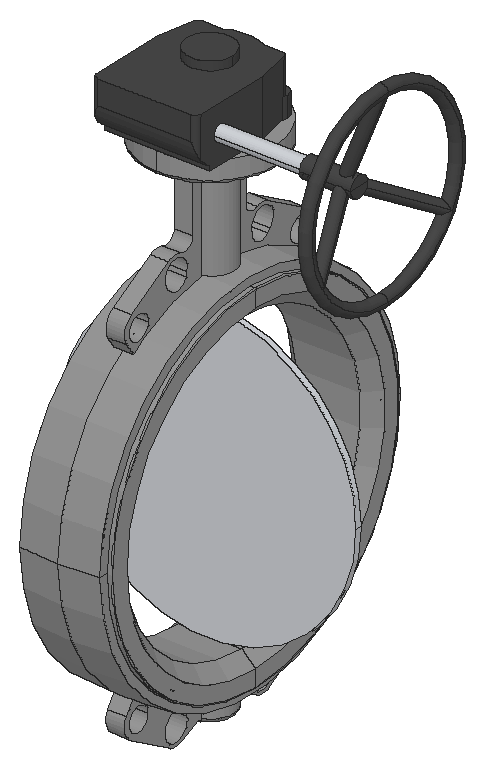
Revit family "Absperr- und Regulierklappe mit Getriebe ZF-4219", category Rohrzubehör, Revit 2018
Family settings
  Bemaßung runder Anschluss = Durchmesser verwenden
  Teiletyp = Unterbricht
  Arbeitsebenenbasiert = Nein
  Immer vertikal = Ja
  Beim Laden mit Abzugskörper schneiden = Nein
  Gemeinsam genutzt = Nein
Parameters
  URL = "www.herz-armaturen.at"
  Spindel = "Edelstahl ASTM-A276 / Type 316"  # constant formula
  Schrauben PN16 [instance] = if(Nennweite = 50 mm, "4x M16x100", if(Nennweite = 65 mm, "4x M16x100", if(Nennweite = 80 mm, "8x M16x100", if(Nennweite = 100 mm, "8x M16x110", if(Nennweite = 125 mm, "8x M16x120", if(Nennweite = 150 mm, "8x M20x120", if(Nennweite = 200 mm, "12x M20x130", if(Nennweite = 250 mm, "12x M24x140", "12x M24x160"))))))))  # "12x M24x160"
  Schrauben PN 6 [instance] = if(Nennweite = 50 mm, "4x M12x100", if(Nennweite = 65 mm, "4x M12x100", if(Nennweite = 80 mm, "4x M16x100", if(Nennweite = 100 mm, "4x M16x100", if(Nennweite = 125 mm, "8x M16x110", if(Nennweite = 150 mm, "8x M16x110", if(Nennweite = 200 mm, "--", if(Nennweite = 250 mm, "12x M16x130", "12xM16x140"))))))))  # "12xM16x140"
  Schrauben PN10 [instance] = if(Nennweite = 50 mm, "4x M16x100", if(Nennweite = 65 mm, "4x M16x100", if(Nennweite = 80 mm, "4x M16x100", if(Nennweite = 100 mm, "4x M16x110", if(Nennweite = 125 mm, "8x M16x120", if(Nennweite = 150 mm, "8x M20x120", if(Nennweite = 200 mm, "8x M20x130", if(Nennweite = 250 mm, "12x M20x130", "12x M20x150"))))))))  # "12x M20x150"
  SCTWSEQ = "FW;SBT_TYP_FW=\"101\";2"
  SCTWCODE = "04;07;02"  # constant formula
  SCRNSEQ = "ARM;ARM_TYP=\"ALLF\";2"
  SCRNCODE = "05;13;02"  # constant formula
  R_Dichtung = 1.5 mm  # constant formula
  PN16 [instance] = or(Nennweite = 50 mm, Nennweite = 65 mm, Nennweite = 80 mm, Nennweite = 100 mm, Nennweite = 125 mm, Nennweite = 150 mm, Nennweite = 200 mm, Nennweite = 250 mm, Nennweite = 300 mm)  # yes
  PN10 [instance] = or(Nennweite = 50 mm, Nennweite = 65 mm, Nennweite = 80 mm, Nennweite = 100 mm, Nennweite = 125 mm, Nennweite = 150 mm, Nennweite = 200 mm, Nennweite = 250 mm, Nennweite = 300 mm)  # yes
  PN 6 [instance] = or(Nennweite = 50 mm, Nennweite = 65 mm, Nennweite = 80 mm, Nennweite = 100 mm, Nennweite = 125 mm, Nennweite = 150 mm, Nennweite = 250 mm, Nennweite = 300 mm)  # yes
  PN [instance] = 16  # constant formula
  O-Ring = "EPDM entsprechend ISO 1691"  # constant formula
  Nennweite [instance] = 300 mm
  Min. Betriebstemperatur = "-20.00 °C bei entsprechender Wasser-Glycolmischung"  # constant formula
  Medium = "Ethylen- und Propyleneglykol kann in einem Mischungsverhältnis zwischen 25 - 50 vol. [%] verwendet werden."
  Max. Betriebstemperatur = 110 °C  # constant formula
  LO1 [instance] = R05 + 10 mm  # 193 mm
  L16 [instance] = L01 - L13  # 299 mm
  L15 [instance] = L01 + L12  # 328 mm
  L14 [instance] = size_lookup("4219_ZF_G", "L_14", 44.4 mm, Nennweite)  # 89.4 mm
  L13 [instance] = size_lookup("4219_ZF_G", "L_13", 15 mm, Nennweite)  # 9 mm
  L12 [instance] = size_lookup("4219_ZF_G", "L_12", 15 mm, Nennweite)  # 20 mm
  L11 [instance] = size_lookup("4219_ZF_G", "L_11", 15 mm, Nennweite)  # 23 mm
  L10 [instance] = size_lookup("4219_ZF_G", "L_10", 16 mm, Nennweite)  # 16 mm
  L09 [instance] = size_lookup("4219_ZF_G", "L9", 29 mm, Nennweite)  # 61 mm
  L08 [instance] = size_lookup("4219_ZF_G", "L8", 43 mm, Nennweite)  # 78 mm
  L07 [instance] = size_lookup("4219_ZF_G", "L7", 3.5 mm, Nennweite)  # 4.5 mm
  L06 [instance] = size_lookup("4219_ZF_G", "L6", 18 mm, Nennweite)  # 44 mm
  L05 [instance] = size_lookup("4219_ZF_G", "L5", 35 mm, Nennweite)  # 67 mm
  L04 [instance] = size_lookup("4219_ZF_G", "L4", 35 mm, Nennweite)  # 17.5 mm
  L03 [instance] = size_lookup("4219_ZF_G", "L3", 35 mm, Nennweite)  # 207.5 mm
  L02 [instance] = size_lookup("4219_ZF_G", "L2", 35 mm, Nennweite)  # 122 mm
  L01 [instance] = size_lookup("4219_ZF_G", "L1", 35 mm, Nennweite)  # 308 mm
  Klappenscheibe = "Edelstahl 1.4408"  # constant formula
  Hersteller = "HERZ Armaturen Ges.m.b.H."  # constant formula
  Hebel DN 50-DN150 = "Stahl, ST14.03"  # constant formula
  Hebel DN200-300 = "Stahl, S235 DIN2458/1626"  # constant formula
  H [instance] = size_lookup("4219_ZF_G", "H1", 9 mm, Nennweite)  # 22 mm
  Gewicht in kg [instance] = size_lookup("4219_ZF_G", "M", 37.6, Nennweite)  # 37.6
  Gewicht [instance] = 0.00 kg
  Gehäuseauskleidung = "EPDM entsprechend ISO 1691"  # constant formula
  Gehäuse = "GG, GJL-250/JL1040, entsprechend EN1561"  # constant formula
  Einbaudatum [instance] = ""
  Drehmoment in Nm [instance] = size_lookup("4219_ZF_G", "NM", 350, Nennweite)  # 350
  DN300 [instance] = Nennweite = 300 mm  # yes
  DN250 [instance] = Nennweite = 250 mm  # no
  DN200 [instance] = Nennweite = 200 mm  # no
  DN150 [instance] = Nennweite = 150 mm  # no
  DN125 [instance] = Nennweite = 125 mm  # no
  DN100 [instance] = Nennweite = 100 mm  # no
  DN 80 [instance] = Nennweite = 80 mm  # no
  DN 65 [instance] = Nennweite = 65 mm  # no
  DN 50 [instance] = Nennweite = 50 mm  # no
  Chargennummer [instance] = ""
  BD [instance] = size_lookup("4219_ZF_G", "DB", 24 mm, Nennweite)  # 290 mm
  D09 [instance] = size_lookup("4219_ZF_G", "D9", 24 mm, Nennweite)  # 145 mm
  D08 [instance] = size_lookup("4219_ZF_G", "D8", 47 mm, Nennweite)  # 18 mm
  D07 [instance] = size_lookup("4219_ZF_G", "D7", 47 mm, Nennweite)  # 37.5 mm
  D06 [instance] = size_lookup("4219_ZF_G", "D6", 47 mm, Nennweite)  # 65 mm
  R05 [instance] = size_lookup("4219_ZF_G", "D5", 47 mm, Nennweite)  # 183 mm
  D05 [instance] = R05 * 2  # 366 mm
  D04 [instance] = size_lookup("4219_ZF_G", "D4", 41 mm, Nennweite)  # 175 mm
  D03 [instance] = size_lookup("4219_ZF_G", "D3", 35.5 mm, Nennweite)  # 167.5 mm
  R01 [instance] = size_lookup("4219_ZF_G", "D1", 28 mm, Nennweite)  # 154.5 mm
  R02 [instance] = size_lookup("4219_ZF_G", "D2", 30 mm, Nennweite)  # 156.5 mm
  Bestellnummer [instance] = size_lookup("4219_ZF_G", "Artnr", 1421901, Nennweite)  # 1421969
  Anwendungsgebiet = "Geeignet für Flüssigkeiten in der Haustechnik, Kaltwasser, Heißwasser, etc."
  Anschlussflansch = "entsprechend EN1092-2"  # constant formula
Reference planes
  plane 1 "Mitte (Vorne/hinten)": y = 0
  plane 2: z = 0
  plane 3 "Mitte (Links/rechts)": x = 0
Forms (mm)
  Revolve 1, solid, material "Herz-Metall-blau", detail levels fine
    sketch origin (0, 0, 0) x (1, 0, 0) y (0, 1, 0)
      loop
        line (0, 185.241) -> (-39, 183) -> (-39, 175) -> (-30.5, 175) -> (-30.5, 167.5) -> (-32, 167.5)
        arc (-32, 167.5) -> (-33.061, 167.061) -> (-33.5, 166) r 1.5
        line (-33.5, 166) -> (-33.5, 156.824)
        arc (-33.5, 156.824) -> (-33.229, 155.964) -> (-32.513, 155.415) r 1.5
        line (-32.513, 155.415) -> (-29, 154.5) -> (-22, 154.5) -> (-22, 156.5) -> (22, 156.5) -> (22, 154.5) -> (29, 154.5) -> (32.513, 155.415)
        arc (32.513, 155.415) -> (33.229, 155.964) -> (33.5, 156.824) r 1.5
        line (33.5, 156.824) -> (33.5, 166)
        arc (33.5, 166) -> (33.061, 167.061) -> (32, 167.5) r 1.5
        line (32, 167.5) -> (30.5, 167.5) -> (30.5, 175) -> (39, 175) -> (39, 183) -> (0, 185.241)
      axis (39, 0) -> (-39, 0)
    angle from 0 to 360
  Extrusion 2, solid, material "Herz-Metall-blau", visible <- "DN 50", detail levels fine
    sketch origin (0, 0, 0) x (0, 1, 0) y (0, 0, 1)
      loop
        line (20, 54.051) -> (20.008, 111.113) -> (16.897, 110.952)
        arc (16.897, 110.952) -> (15.55, 110.331) -> (15, 108.954) r 2
        line (15, 108.954) -> (15, 44.542)
        arc (15, 44.542) -> (31.465, 34.913) -> (42.748, 19.534) r 47
        arc (42.748, 19.534) -> (42.633, 20.873) -> (43.392, 21.983) r 2
        line (43.392, 21.983) -> (54.714, 30.209)
        arc (54.714, 30.209) -> (56.569, 56.569) -> (30.209, 54.714) r 17.5
        line (30.209, 54.714) -> (27.87, 51.494)
        arc (27.87, 51.494) -> (23.006, 49.914) -> (20, 54.051) r 4.35
      loop
        arc (32.065, 41.998) -> (33.588, 33.588) -> (41.998, 32.065) r 7.5
        line (41.998, 32.065) -> (48.502, 35.17)
        arc (48.502, 35.17) -> (51.265, 51.265) -> (35.17, 48.502) r 10
        line (35.17, 48.502) -> (32.065, 41.998)
      loop
        arc (-20, 54.051) -> (-23.006, 49.914) -> (-27.87, 51.494) r 4.35
        line (-27.87, 51.494) -> (-30.209, 54.714)
        arc (-30.209, 54.714) -> (-56.569, 56.569) -> (-54.714, 30.209) r 17.5
        line (-54.714, 30.209) -> (-43.392, 21.983)
        arc (-43.392, 21.983) -> (-42.633, 20.873) -> (-42.748, 19.534) r 2
        arc (-42.748, 19.534) -> (-31.465, 34.913) -> (-15, 44.542) r 47
        line (-15, 44.542) -> (-15, 108.954)
        arc (-15, 108.954) -> (-15.55, 110.331) -> (-16.897, 110.952) r 2
        line (-16.897, 110.952) -> (-20.008, 111.113) -> (-20, 54.051)
      loop
        line (-32.065, 41.998) -> (-35.17, 48.502)
        arc (-35.17, 48.502) -> (-51.265, 51.265) -> (-48.502, 35.17) r 10
        line (-48.502, 35.17) -> (-41.998, 32.065)
        arc (-41.998, 32.065) -> (-33.588, 33.588) -> (-32.065, 41.998) r 7.5
      loop
        line (32.065, -41.998) -> (35.17, -48.502)
        arc (35.17, -48.502) -> (51.265, -51.265) -> (48.502, -35.17) r 10
        line (48.502, -35.17) -> (41.998, -32.065)
        arc (41.998, -32.065) -> (33.588, -33.588) -> (32.065, -41.998) r 7.5
      loop
        line (54.714, -30.209) -> (43.392, -21.983)
        arc (43.392, -21.983) -> (42.633, -20.873) -> (42.748, -19.534) r 2
        arc (42.748, -19.534) -> (33.234, -33.234) -> (19.534, -42.748) r 47
        arc (19.534, -42.748) -> (20.873, -42.633) -> (21.983, -43.392) r 2
        line (21.983, -43.392) -> (30.209, -54.714)
        arc (30.209, -54.714) -> (56.569, -56.569) -> (54.714, -30.209) r 17.5
      loop
        arc (-32.065, -41.998) -> (-33.588, -33.588) -> (-41.998, -32.065) r 7.5
        line (-41.998, -32.065) -> (-48.502, -35.17)
        arc (-48.502, -35.17) -> (-51.265, -51.265) -> (-35.17, -48.502) r 10
        line (-35.17, -48.502) -> (-32.065, -41.998)
      loop
        arc (-54.714, -30.209) -> (-56.569, -56.569) -> (-30.209, -54.714) r 17.5
        line (-30.209, -54.714) -> (-21.983, -43.392)
        arc (-21.983, -43.392) -> (-20.873, -42.633) -> (-19.534, -42.748) r 2
        arc (-19.534, -42.748) -> (-33.234, -33.234) -> (-42.748, -19.534) r 47
        arc (-42.748, -19.534) -> (-42.633, -20.873) -> (-43.392, -21.983) r 2
        line (-43.392, -21.983) -> (-54.714, -30.209)
    from -4.5 to 4.5
  Extrusion 3, solid, material "Herz-Metall-blau", visible <- "DN 65", detail levels fine
    sketch origin (0, 0, 0) x (0, 1, 0) y (0, 0, 1)
      loop
        arc (51.659, 21.619) -> (51.541, 22.778) -> (52.089, 23.805) r 2
        line (52.089, 23.805) -> (65.407, 37.123)
        arc (65.407, 37.123) -> (65.407, 65.407) -> (37.123, 65.407) r 20
        line (37.123, 65.407) -> (29.414, 57.699)
        arc (29.414, 57.699) -> (27.235, 57.265) -> (26, 59.113) r 2
        line (26, 59.113) -> (26, 136.154) -> (19.897, 135.838)
        arc (19.897, 135.838) -> (18.55, 135.218) -> (18, 133.841) r 2
        line (18, 133.841) -> (18, 53.028)
        arc (18, 53.028) -> (38.206, 40.942) -> (51.659, 21.619) r 56
      loop
        arc (55.637, 42.831) -> (57.983, 57.983) -> (42.831, 55.637) r 9.5
        line (42.831, 55.637) -> (39.647, 48.983)
        arc (39.647, 48.983) -> (41.012, 41.012) -> (48.983, 39.647) r 7
        line (48.983, 39.647) -> (55.637, 42.831)
      loop
        arc (51.659, -21.619) -> (39.598, -39.598) -> (21.619, -51.659) r 56
        arc (21.619, -51.659) -> (22.778, -51.541) -> (23.805, -52.089) r 2
        line (23.805, -52.089) -> (37.123, -65.407)
        arc (37.123, -65.407) -> (65.407, -65.407) -> (65.407, -37.123) r 20
        line (65.407, -37.123) -> (52.089, -23.805)
        arc (52.089, -23.805) -> (51.541, -22.778) -> (51.659, -21.619) r 2
      loop
        line (55.637, -42.831) -> (48.983, -39.647)
        arc (48.983, -39.647) -> (41.012, -41.012) -> (39.647, -48.983) r 7
        line (39.647, -48.983) -> (42.831, -55.637)
        arc (42.831, -55.637) -> (57.983, -57.983) -> (55.637, -42.831) r 9.5
      loop
        arc (-51.659, -21.619) -> (-51.541, -22.778) -> (-52.089, -23.805) r 2
        line (-52.089, -23.805) -> (-65.407, -37.123)
        arc (-65.407, -37.123) -> (-65.407, -65.407) -> (-37.123, -65.407) r 20
        line (-37.123, -65.407) -> (-23.805, -52.089)
        arc (-23.805, -52.089) -> (-22.778, -51.541) -> (-21.619, -51.659) r 2
        arc (-21.619, -51.659) -> (-39.598, -39.598) -> (-51.659, -21.619) r 56
      loop
        arc (-55.637, -42.831) -> (-57.983, -57.983) -> (-42.831, -55.637) r 9.5
        line (-42.831, -55.637) -> (-39.647, -48.983)
        arc (-39.647, -48.983) -> (-41.012, -41.012) -> (-48.983, -39.647) r 7
        line (-48.983, -39.647) -> (-55.637, -42.831)
      loop
        arc (-51.659, 21.619) -> (-38.206, 40.942) -> (-18, 53.028) r 56
        line (-18, 53.028) -> (-18, 133.838)
        arc (-18, 133.838) -> (-18.55, 135.215) -> (-19.897, 135.835) r 2
        line (-19.897, 135.835) -> (-26, 136.151) -> (-26, 59.113)
        arc (-26, 59.113) -> (-27.235, 57.265) -> (-29.414, 57.699) r 2
        line (-29.414, 57.699) -> (-37.123, 65.407)
        arc (-37.123, 65.407) -> (-65.407, 65.407) -> (-65.407, 37.123) r 20
        line (-65.407, 37.123) -> (-52.089, 23.805)
        arc (-52.089, 23.805) -> (-51.541, 22.778) -> (-51.659, 21.619) r 2
      loop
        line (-55.637, 42.831) -> (-48.983, 39.647)
        arc (-48.983, 39.647) -> (-41.012, 41.012) -> (-39.647, 48.983) r 7
        line (-39.647, 48.983) -> (-42.831, 55.637)
        arc (-42.831, 55.637) -> (-57.983, 57.983) -> (-55.637, 42.831) r 9.5
    from -4.5 to 4.5
  Extrusion 4, solid, material "Herz-Metall-blau", visible <- "DN 80", detail levels fine
    sketch origin (0, 0, 0) x (0, 1, 0) y (0, 0, 1)
      loop
        line (26, 143.161) -> (20.397, 142.871)
        arc (20.397, 142.871) -> (19.05, 142.251) -> (18.5, 140.874) r 2
        line (18.5, 140.874) -> (18.5, 62.833)
        arc (18.5, 62.833) -> (41.296, 50.842) -> (57.706, 30.989) r 65.5
        arc (57.706, 30.989) -> (57.482, 32.176) -> (57.983, 33.275) r 2
        line (57.983, 33.275) -> (67.23, 43.52)
        arc (67.23, 43.52) -> (70.328, 54.798) -> (65.407, 65.407) r 17
        line (65.407, 65.407) -> (42.005, 86.53)
        arc (42.005, 86.53) -> (37.832, 89.302) -> (33.031, 90.738) r 17
        arc (33.031, 90.738) -> (27.974, 93.895) -> (26, 99.52) r 9
        line (26, 99.52) -> (26, 143.161)
      loop
        circle (30.615, 73.91) r 9.5
      loop
        circle (53.387, 53.387) r 9.5
      loop
        arc (57.706, -30.989) -> (41.296, -50.842) -> (18.5, -62.833) r 65.5
        line (18.5, -62.833) -> (18.5, -85.837)
        arc (18.5, -85.837) -> (30.113, -90.903) -> (42.005, -86.53) r 17
        line (42.005, -86.53) -> (65.407, -65.407)
        arc (65.407, -65.407) -> (70.328, -54.798) -> (67.23, -43.52) r 17
        line (67.23, -43.52) -> (57.983, -33.275)
        arc (57.983, -33.275) -> (57.482, -32.176) -> (57.706, -30.989) r 2
      loop
        circle (30.615, -73.91) r 9.5
      loop
        circle (53.387, -53.387) r 9.5
      loop
        arc (-57.706, -30.989) -> (-57.482, -32.176) -> (-57.983, -33.275) r 2
        line (-57.983, -33.275) -> (-67.23, -43.52)
        arc (-67.23, -43.52) -> (-70.328, -54.798) -> (-65.407, -65.407) r 17
        line (-65.407, -65.407) -> (-42.005, -86.53)
        arc (-42.005, -86.53) -> (-30.113, -90.903) -> (-18.5, -85.837) r 17
        line (-18.5, -85.837) -> (-18.5, -62.833)
        arc (-18.5, -62.833) -> (-41.296, -50.842) -> (-57.706, -30.989) r 65.5
      loop
        circle (-30.615, -73.91) r 9.5
      loop
        circle (-53.387, -53.387) r 9.5
      loop
        line (-26, 143.179) -> (-26, 99.52)
        arc (-26, 99.52) -> (-27.974, 93.895) -> (-33.031, 90.738) r 9
        arc (-33.031, 90.738) -> (-37.832, 89.302) -> (-42.005, 86.53) r 17
        line (-42.005, 86.53) -> (-65.407, 65.407)
        arc (-65.407, 65.407) -> (-70.328, 54.798) -> (-67.23, 43.52) r 17
        line (-67.23, 43.52) -> (-57.983, 33.275)
        arc (-57.983, 33.275) -> (-57.482, 32.176) -> (-57.706, 30.989) r 2
        arc (-57.706, 30.989) -> (-41.296, 50.842) -> (-18.5, 62.833) r 65.5
        line (-18.5, 62.833) -> (-18.5, 140.891)
        arc (-18.5, 140.891) -> (-19.05, 142.268) -> (-20.397, 142.888) r 2
        line (-20.397, 142.888) -> (-26, 143.179)
      loop
        circle (-30.615, 73.91) r 9.5
      loop
        circle (-53.387, 53.387) r 9.5
    from -4.5 to 4.5
  Extrusion 5, solid, material "Herz-Metall-blau", visible <- "DN100", detail levels fine
    sketch origin (0, 0, 0) x (0, 1, 0) y (0, 0, 1)
      loop
        line (64.131, 38.887) -> (73.681, 49.873)
        arc (73.681, 49.873) -> (77.063, 61.29) -> (72.125, 72.125) r 17
        line (72.125, 72.125) -> (45.809, 95.79)
        arc (45.809, 95.79) -> (41.366, 98.675) -> (36.25, 100.053) r 17
        arc (36.25, 100.053) -> (28.882, 104.596) -> (26, 112.759) r 13
        line (26, 112.759) -> (26, 166.173) -> (20.397, 165.883)
        arc (20.397, 165.883) -> (19.05, 165.263) -> (18.5, 163.886) r 2
        line (18.5, 163.886) -> (18.5, 72.683)
        arc (18.5, 72.683) -> (44.637, 60.27) -> (64.131, 38.887) r 75
      loop
        circle (60.104, 60.104) r 9.5
      loop
        circle (34.442, 83.149) r 9.5
      loop
        arc (64.131, -38.887) -> (44.637, -60.27) -> (18.5, -72.683) r 75
        line (18.5, -72.683) -> (18.5, -95.329)
        arc (18.5, -95.329) -> (21.473, -95.603) -> (24.233, -96.743) r 10
        arc (24.233, -96.743) -> (35.191, -100.133) -> (45.809, -95.79) r 17
        line (45.809, -95.79) -> (72.125, -72.125)
        arc (72.125, -72.125) -> (77.063, -61.29) -> (73.681, -49.873) r 17
        line (73.681, -49.873) -> (64.131, -38.887)
      loop
        circle (60.104, -60.104) r 9.5
      loop
        circle (34.442, -83.149) r 9.5
      loop
        line (-64.131, -38.887) -> (-73.681, -49.873)
        arc (-73.681, -49.873) -> (-77.063, -61.29) -> (-72.125, -72.125) r 17
        line (-72.125, -72.125) -> (-45.809, -95.79)
        arc (-45.809, -95.79) -> (-35.191, -100.133) -> (-24.233, -96.743) r 17
        arc (-24.233, -96.743) -> (-21.473, -95.603) -> (-18.5, -95.329) r 10
        line (-18.5, -95.329) -> (-18.5, -72.683)
        arc (-18.5, -72.683) -> (-44.637, -60.27) -> (-64.131, -38.887) r 75
      loop
        circle (-60.104, -60.104) r 9.5
      loop
        circle (-34.442, -83.149) r 9.5
      loop
        arc (-64.131, 38.887) -> (-44.637, 60.27) -> (-18.5, 72.683) r 75
        line (-18.5, 72.683) -> (-18.5, 163.876)
        arc (-18.5, 163.876) -> (-19.05, 165.253) -> (-20.397, 165.873) r 2
        line (-20.397, 165.873) -> (-26, 166.164) -> (-26, 112.759)
        arc (-26, 112.759) -> (-28.882, 104.596) -> (-36.25, 100.053) r 13
        arc (-36.25, 100.053) -> (-41.366, 98.675) -> (-45.809, 95.79) r 17
        line (-45.809, 95.79) -> (-72.125, 72.125)
        arc (-72.125, 72.125) -> (-77.063, 61.29) -> (-73.681, 49.873) r 17
        line (-73.681, 49.873) -> (-64.131, 38.887)
      loop
        circle (-60.104, 60.104) r 9.5
      loop
        circle (-34.442, 83.149) r 9.5
    from -4.5 to 4.5
  Extrusion 6, solid, material "Herz-Metall-blau", visible <- "DN125", detail levels fine
    sketch origin (0, 0, 0) x (0, 1, 0) y (0, 0, 1)
      loop
        arc (75.229, 48.945) -> (74.917, 50.244) -> (75.492, 51.45) r 2
        line (75.492, 51.45) -> (82.731, 58.69)
        arc (82.731, 58.69) -> (87.711, 70.711) -> (82.731, 82.731) r 17
        line (82.731, 82.731) -> (51.291, 109.875)
        arc (51.291, 109.875) -> (46.108, 112.941) -> (40.182, 114.007) r 17
        line (40.182, 114.007) -> (38, 114.007)
        arc (38, 114.007) -> (29.515, 117.522) -> (26, 126.007) r 12
        line (26, 126.007) -> (26, 185.157) -> (20.397, 184.867)
        arc (20.397, 184.867) -> (19.05, 184.246) -> (18.5, 182.869) r 2
        line (18.5, 182.869) -> (18.5, 87.823)
        arc (18.5, 87.823) -> (50.736, 74.033) -> (75.229, 48.945) r 89.75
      loop
        circle (40.182, 97.007) r 9.5
      loop
        circle (70.711, 70.711) r 9.5
      loop
        arc (75.229, -48.945) -> (50.736, -74.033) -> (18.5, -87.823) r 89.75
        line (18.5, -87.823) -> (18.5, -108.431)
        arc (18.5, -108.431) -> (24.248, -107.655) -> (29.46, -110.2) r 10
        arc (29.46, -110.2) -> (40.434, -114.005) -> (51.291, -109.875) r 17
        line (51.291, -109.875) -> (82.731, -82.731)
        arc (82.731, -82.731) -> (87.711, -70.711) -> (82.731, -58.69) r 17
        line (82.731, -58.69) -> (75.492, -51.45)
        arc (75.492, -51.45) -> (74.917, -50.244) -> (75.229, -48.945) r 2
      loop
        circle (40.182, -97.007) r 9.5
      loop
        circle (70.711, -70.711) r 9.5
      loop
        arc (-75.229, -48.945) -> (-74.917, -50.244) -> (-75.492, -51.45) r 2
        line (-75.492, -51.45) -> (-82.731, -58.69)
        arc (-82.731, -58.69) -> (-87.711, -70.711) -> (-82.731, -82.731) r 17
        line (-82.731, -82.731) -> (-51.291, -109.875)
        arc (-51.291, -109.875) -> (-40.434, -114.005) -> (-29.46, -110.2) r 17
        arc (-29.46, -110.2) -> (-24.248, -107.655) -> (-18.5, -108.431) r 10
        line (-18.5, -108.431) -> (-18.5, -87.823)
        arc (-18.5, -87.823) -> (-50.736, -74.033) -> (-75.229, -48.945) r 89.75
      loop
        circle (-40.182, -97.007) r 9.5
      loop
        circle (-70.711, -70.711) r 9.5
      loop
        arc (-75.229, 48.945) -> (-50.736, 74.033) -> (-18.5, 87.823) r 89.75
        line (-18.5, 87.823) -> (-18.5, 182.852)
        arc (-18.5, 182.852) -> (-19.05, 184.23) -> (-20.397, 184.85) r 2
        line (-20.397, 184.85) -> (-26, 185.14) -> (-26, 126.007)
        arc (-26, 126.007) -> (-29.515, 117.522) -> (-38, 114.007) r 12
        line (-38, 114.007) -> (-40.182, 114.007)
        arc (-40.182, 114.007) -> (-46.108, 112.941) -> (-51.291, 109.875) r 17
        line (-51.291, 109.875) -> (-82.731, 82.731)
        arc (-82.731, 82.731) -> (-87.711, 70.711) -> (-82.731, 58.69) r 17
        line (-82.731, 58.69) -> (-75.492, 51.45)
        arc (-75.492, 51.45) -> (-74.917, 50.244) -> (-75.229, 48.945) r 2
      loop
        circle (-40.182, 97.007) r 9.5
      loop
        circle (-70.711, 70.711) r 9.5
    from -6 to 6
  Extrusion 7, solid, material "Herz-Metall-blau", visible <- "DN150", detail levels fine
    sketch origin (0, 0, 0) x (0, 1, 0) y (0, 0, 1)
      loop
        line (83.495, 59.454) -> (91.57, 67.529)
        arc (91.57, 67.529) -> (96.55, 79.55) -> (91.57, 91.57) r 17
        line (91.57, 91.57) -> (57.511, 123.304)
        arc (57.511, 123.304) -> (45.758, 127.865) -> (34.095, 123.077) r 17
        arc (34.095, 123.077) -> (28.976, 122.416) -> (26, 126.633) r 5
        line (26, 126.633) -> (26, 198.177) -> (20.397, 197.887)
        arc (20.397, 197.887) -> (19.05, 197.267) -> (18.5, 195.889) r 2
        line (18.5, 195.889) -> (18.5, 100.817)
        arc (18.5, 100.817) -> (55.032, 86.474) -> (83.495, 59.454) r 102.5
      loop
        circle (45.922, 110.866) r 11.5
      loop
        circle (79.55, 79.55) r 9.5
      loop
        circle (45.922, -110.866) r 11.5
      loop
        circle (79.55, -79.55) r 9.5
      loop
        line (91.57, -67.529) -> (83.495, -59.454)
        arc (83.495, -59.454) -> (55.032, -86.474) -> (18.5, -100.817) r 102.5
        line (18.5, -100.817) -> (18.5, -123.208)
        arc (18.5, -123.208) -> (19.363, -121.755) -> (21.03, -121.482) r 2
        line (21.03, -121.482) -> (42.642, -127.546)
        arc (42.642, -127.546) -> (50.587, -127.213) -> (57.511, -123.304) r 17
        line (57.511, -123.304) -> (91.57, -91.57)
        arc (91.57, -91.57) -> (96.55, -79.55) -> (91.57, -67.529) r 17
      loop
        arc (-83.495, 59.454) -> (-55.032, 86.474) -> (-18.5, 100.817) r 102.5
        line (-18.5, 100.817) -> (-18.5, 195.875)
        arc (-18.5, 195.875) -> (-19.05, 197.252) -> (-20.397, 197.872) r 2
        line (-20.397, 197.872) -> (-26, 198.163) -> (-26, 126.633)
        arc (-26, 126.633) -> (-28.976, 122.416) -> (-34.095, 123.077) r 5
        arc (-34.095, 123.077) -> (-45.758, 127.865) -> (-57.511, 123.304) r 17
        line (-57.511, 123.304) -> (-91.57, 91.57)
        arc (-91.57, 91.57) -> (-96.55, 79.55) -> (-91.57, 67.529) r 17
        line (-91.57, 67.529) -> (-83.495, 59.454)
      loop
        circle (-45.922, 110.866) r 11.5
      loop
        circle (-79.55, 79.55) r 9.5
      loop
        circle (-45.922, -110.866) r 11.5
      loop
        circle (-79.55, -79.55) r 9.5
      loop
        arc (-91.57, -67.529) -> (-96.55, -79.55) -> (-91.57, -91.57) r 17
        line (-91.57, -91.57) -> (-57.511, -123.304)
        arc (-57.511, -123.304) -> (-50.587, -127.213) -> (-42.642, -127.546) r 17
        line (-42.642, -127.546) -> (-21.03, -121.482)
        arc (-21.03, -121.482) -> (-19.363, -121.755) -> (-18.5, -123.208) r 2
        line (-18.5, -123.208) -> (-18.5, -100.817)
        arc (-18.5, -100.817) -> (-55.032, -86.474) -> (-83.495, -59.454) r 102.5
        line (-83.495, -59.454) -> (-91.57, -67.529)
    from -7 to 7
  Extrusion 8, solid, material "Herz-Metall-blau", visible <- "DN200", detail levels fine
    sketch origin (0, 0, 0) x (0, 1, 0) y (0, 0, 1)
      loop
        arc (42.048, 153.832) -> (26.654, 145.827) -> (35.349, 130.812) r 12
        line (35.349, 130.812) -> (53.31, 124.689)
        arc (53.31, 124.689) -> (67.804, 132.4) -> (61.038, 147.359) r 12
        line (61.038, 147.359) -> (42.048, 153.832)
      loop
        line (28, 226.273) -> (22.065, 226.047)
        arc (22.065, 226.047) -> (20.655, 225.469) -> (20, 224.092) r 2.114
        line (20, 224.092) -> (20, 129.471)
        arc (20, 129.471) -> (49.604, 121.273) -> (76.485, 106.406) r 130.989
        line (76.485, 106.406) -> (76.485, 136.265)
        arc (76.485, 136.265) -> (73.108, 147.391) -> (64.117, 154.764) r 20.019
        line (64.117, 154.764) -> (38.16, 163.592)
        arc (38.16, 163.592) -> (30.802, 169.06) -> (28, 177.79) r 15
        line (28, 177.79) -> (28, 226.273)
      loop
        line (42.048, -153.832) -> (61.038, -147.359)
        arc (61.038, -147.359) -> (67.804, -132.4) -> (53.31, -124.689) r 12
        line (53.31, -124.689) -> (35.349, -130.812)
        arc (35.349, -130.812) -> (26.654, -145.827) -> (42.048, -153.832) r 12
      loop
        arc (76.446, -106.382) -> (49.585, -121.253) -> (20, -129.464) r 131
        line (20, -129.464) -> (20, -141.835)
        arc (20, -141.835) -> (28.361, -158.099) -> (46.453, -160.765) r 20
        line (46.453, -160.765) -> (64.099, -154.75)
        arc (64.099, -154.75) -> (73.075, -147.384) -> (76.446, -136.272) r 20
        line (76.446, -136.272) -> (76.446, -106.382)
      loop
        arc (-42.048, -153.832) -> (-26.654, -145.827) -> (-35.349, -130.812) r 12
        line (-35.349, -130.812) -> (-53.31, -124.689)
        arc (-53.31, -124.689) -> (-67.804, -132.4) -> (-61.038, -147.359) r 12
        line (-61.038, -147.359) -> (-42.048, -153.832)
      loop
        line (-76.446, -106.382) -> (-76.446, -136.272)
        arc (-76.446, -136.272) -> (-73.075, -147.384) -> (-64.099, -154.75) r 20
        line (-64.099, -154.75) -> (-46.453, -160.765)
        arc (-46.453, -160.765) -> (-28.361, -158.099) -> (-20, -141.835) r 20
        line (-20, -141.835) -> (-20, -129.464)
        arc (-20, -129.464) -> (-49.585, -121.253) -> (-76.446, -106.382) r 131
      loop
        line (-42.048, 153.832) -> (-61.038, 147.359)
        arc (-61.038, 147.359) -> (-67.804, 132.4) -> (-53.31, 124.689) r 12
        line (-53.31, 124.689) -> (-35.349, 130.812)
        arc (-35.349, 130.812) -> (-26.654, 145.827) -> (-42.048, 153.832) r 12
      loop
        line (-28, 226.278) -> (-28, 177.79)
        arc (-28, 177.79) -> (-30.802, 169.06) -> (-38.16, 163.592) r 15
        line (-38.16, 163.592) -> (-64.117, 154.764)
        arc (-64.117, 154.764) -> (-73.108, 147.391) -> (-76.485, 136.265) r 20.019
        line (-76.485, 136.265) -> (-76.485, 106.406)
        arc (-76.485, 106.406) -> (-49.604, 121.273) -> (-20, 129.471) r 130.989
        line (-20, 129.471) -> (-20, 224.098)
        arc (-20, 224.098) -> (-20.655, 225.475) -> (-22.065, 226.053) r 2.114
        line (-22.065, 226.053) -> (-28, 226.278)
    from -7 to 7
  Extrusion 9, solid, material "Herz-Metall-blau", visible <- "DN250", detail levels fine
    sketch origin (0, 0, 0) x (0, 1, 0) y (0, 0, 1)
      loop
        arc (-95.9, 125.382) -> (-61.406, 145.382) -> (-23, 156.095) r 157.75
        line (-23, 156.095) -> (-23, 258.814)
        arc (-23, 258.814) -> (-23.588, 260.113) -> (-24.893, 260.69) r 2
        line (-24.893, 260.69) -> (-32, 261.058) -> (-32, 187.712)
        arc (-32, 187.712) -> (-33.507, 185.205) -> (-36.428, 185.359) r 2.84
        arc (-36.428, 185.359) -> (-43.951, 188.152) -> (-51.918, 187.184) r 17
        line (-51.918, 187.184) -> (-97.072, 155.872)
        arc (-97.072, 155.872) -> (-100.207, 149.167) -> (-100.195, 141.765) r 17
        line (-100.195, 141.765) -> (-95.9, 125.382)
      loop
        circle (-83.608, 145.492) r 9.5
      loop
        circle (-45.549, 171.269) r 14
      loop
        arc (96.192, -125.349) -> (61.575, -145.51) -> (23, -156.317) r 157.999
        line (23, -156.317) -> (23, -181.388) -> (27.217, -181.388)
        arc (27.217, -181.388) -> (30.142, -181.826) -> (32.812, -183.1) r 10
        line (32.812, -183.1) -> (36.428, -185.542)
        arc (36.428, -185.542) -> (44.468, -188.388) -> (52.878, -186.972) r 17
        line (52.878, -186.972) -> (97.463, -155.872)
        arc (97.463, -155.872) -> (100.598, -149.167) -> (100.586, -141.765) r 17
        line (100.586, -141.765) -> (96.192, -125.349)
      loop
        circle (84, -145.492) r 9.5
      loop
        circle (45.94, -171.452) r 14
      loop
        line (-96.192, -125.349) -> (-100.586, -141.765)
        arc (-100.586, -141.765) -> (-100.598, -149.167) -> (-97.463, -155.872) r 17
        line (-97.463, -155.872) -> (-52.878, -186.972)
        arc (-52.878, -186.972) -> (-44.468, -188.388) -> (-36.428, -185.542) r 17
        line (-36.428, -185.542) -> (-32.812, -183.1)
        arc (-32.812, -183.1) -> (-30.142, -181.826) -> (-27.217, -181.388) r 10
        line (-27.217, -181.388) -> (-23, -181.388) -> (-23, -156.317)
        arc (-23, -156.317) -> (-61.575, -145.51) -> (-96.192, -125.349) r 157.999
      loop
        circle (-84, -145.492) r 9.5
      loop
        circle (-45.94, -171.452) r 14
      loop
        line (95.9, 125.2) -> (100.195, 141.582)
        arc (100.195, 141.582) -> (100.207, 148.984) -> (97.072, 155.689) r 17
        line (97.072, 155.689) -> (51.919, 187.036)
        arc (51.919, 187.036) -> (43.952, 188.006) -> (36.428, 185.212) r 17
        arc (36.428, 185.212) -> (33.507, 185.058) -> (32, 187.566) r 2.84
        line (32, 187.566) -> (32, 261.045) -> (24.893, 260.677)
        arc (24.893, 260.677) -> (23.588, 260.1) -> (23, 258.801) r 2
        line (23, 258.801) -> (23, 155.948)
        arc (23, 155.948) -> (61.411, 145.223) -> (95.9, 125.2) r 157.605
      loop
        circle (83.608, 145.31) r 9.5
      loop
        circle (45.549, 171.122) r 14
    from -9 to 9
  Extrusion 10, solid, material "Herz-Metall-blau", visible <- "DN300", detail levels fine
    sketch origin (0, 0, 0) x (0, 1, 0) y (0, 0, 1)
      loop
        arc (62.57, 187.834) -> (56.268, 211.23) -> (39.112, 194.12) r 14
        line (39.112, 194.12) -> (40.223, 189.928)
        arc (40.223, 189.928) -> (48.374, 181.769) -> (59.504, 184.767) r 11.5
        line (59.504, 184.767) -> (62.57, 187.834)
      loop
        circle (98.337, 170.892) r 12
      loop
        arc (113.094, 162.454) -> (114.748, 175.326) -> (106.837, 185.615) r 17
        line (106.837, 185.615) -> (61.701, 211.919)
        arc (61.701, 211.919) -> (54.44, 214.463) -> (46.806, 213.516) r 16.852
        arc (46.806, 213.516) -> (36.904, 213.681) -> (32, 222.285) r 10
        line (32, 222.285) -> (32, 286.38) -> (24.895, 286.033)
        arc (24.895, 286.033) -> (23.576, 285.442) -> (23, 284.117) r 2
        line (23, 284.117) -> (23, 181.202)
        arc (23, 181.202) -> (65.613, 170.505) -> (104.437, 149.94) r 182.63
        line (104.437, 149.94) -> (113.094, 162.454)
      loop
        line (62.984, -188.142) -> (59.917, -185.075)
        arc (59.917, -185.075) -> (48.787, -182.077) -> (40.637, -190.235) r 11.5
        line (40.637, -190.235) -> (39.525, -194.427)
        arc (39.525, -194.427) -> (56.681, -211.538) -> (62.984, -188.142) r 14
      loop
        circle (98.75, -171.04) r 12
      loop
        line (113.508, -162.601) -> (104.75, -150.055)
        arc (104.75, -150.055) -> (65.787, -170.766) -> (23, -181.549) r 183
        line (23, -181.549) -> (23, -206.327)
        arc (23, -206.327) -> (24.157, -204.218) -> (26.558, -204.062) r 2.5
        line (26.558, -204.062) -> (45.918, -213.443)
        arc (45.918, -213.443) -> (53.906, -214.994) -> (61.701, -212.654) r 17
        line (61.701, -212.654) -> (107.25, -185.762)
        arc (107.25, -185.762) -> (115.162, -175.474) -> (113.508, -162.601) r 17
      loop
        arc (-62.984, -188.142) -> (-56.681, -211.538) -> (-39.525, -194.427) r 14
        line (-39.525, -194.427) -> (-40.637, -190.235)
        arc (-40.637, -190.235) -> (-48.787, -182.077) -> (-59.917, -185.075) r 11.5
        line (-59.917, -185.075) -> (-62.984, -188.142)
      loop
        circle (-98.75, -171.04) r 12
      loop
        arc (-113.508, -162.601) -> (-115.162, -175.474) -> (-107.25, -185.762) r 17
        line (-107.25, -185.762) -> (-61.701, -212.654)
        arc (-61.701, -212.654) -> (-53.906, -214.994) -> (-45.918, -213.443) r 17
        line (-45.918, -213.443) -> (-26.558, -204.062)
        arc (-26.558, -204.062) -> (-24.157, -204.218) -> (-23, -206.327) r 2.5
        line (-23, -206.327) -> (-23, -181.549)
        arc (-23, -181.549) -> (-65.787, -170.766) -> (-104.75, -150.055) r 183
        line (-104.75, -150.055) -> (-113.508, -162.601)
      loop
        line (-62.574, 188.142) -> (-59.508, 185.075)
        arc (-59.508, 185.075) -> (-48.378, 182.077) -> (-40.227, 190.235) r 11.5
        line (-40.227, 190.235) -> (-39.116, 194.427)
        arc (-39.116, 194.427) -> (-56.272, 211.538) -> (-62.574, 188.142) r 14
      loop
        circle (-98.34, 171.04) r 12
      loop
        line (-113.098, 162.601) -> (-104.44, 150.087)
        arc (-104.44, 150.087) -> (-65.611, 170.637) -> (-23, 181.326) r 182.753
        line (-23, 181.326) -> (-23, 284.115)
        arc (-23, 284.115) -> (-23.577, 285.441) -> (-24.896, 286.032) r 2
        line (-24.896, 286.032) -> (-32, 286.379) -> (-32, 222.593)
        arc (-32, 222.593) -> (-37.217, 213.811) -> (-47.425, 214.193) r 10
        arc (-47.425, 214.193) -> (-54.523, 214.911) -> (-61.291, 212.654) r 17
        line (-61.291, 212.654) -> (-106.84, 185.762)
        arc (-106.84, 185.762) -> (-114.752, 175.474) -> (-113.098, 162.601) r 17
    from -9 to 9
  Revolve 11, solid, material "Herz-Metall-blau"
    sketch origin (0, 0, 0) x (0, 1, 0) y (0, 0, 1)
      loop
        line (0, -183) -> (0, -207.5) -> (20, -207.5)
        arc (20, -207.5) -> (22.121, -206.621) -> (23, -204.5) r 3
        line (23, -204.5) -> (23, -181.549)
        arc (23, -181.549) -> (11.523, -182.637) -> (0, -183) r 183
      axis (0, -181.549) -> (0, -207.5)
    angle from 0 to 360
  Revolve 12, solid, material "Herz-Metall-blau"
    sketch origin (0, 0, 0) x (0, 1, 0) y (0, 0, 1)
      loop
        line (0, 299) -> (0, 183)
        arc (0, 183) -> (11.523, 182.637) -> (23, 181.549) r 183
        line (23, 181.549) -> (23, 284)
        arc (23, 284) -> (23.549, 285.377) -> (24.895, 285.998) r 2
        line (24.895, 285.998) -> (63.105, 288)
        arc (63.105, 288) -> (64.451, 288.621) -> (65, 289.997) r 2
        line (65, 289.997) -> (65, 308) -> (37.5, 308) -> (37.5, 299) -> (0, 299)
      axis (0, 308) -> (0, 181.549)
    angle from 0 to 360
  Revolve 13, solid, material "Gummi"
    sketch origin (0, 0, 0) x (1, 0, 0) y (0, 0, 1)
      loop
        arc (-43.208, 175) -> (-44.263, 174.563) -> (-44.7, 173.508) r 1.492
        line (-44.7, 173.508) -> (-44.7, 156.718) -> (-30.5, 145) -> (30.5, 145) -> (44.7, 157.945) -> (44.7, 174)
        arc (44.7, 174) -> (44.407, 174.707) -> (43.7, 175) r 1
        line (43.7, 175) -> (30.5, 175) -> (30.5, 167.5) -> (32, 167.5)
        arc (32, 167.5) -> (33.061, 167.061) -> (33.5, 166) r 1.5
        line (33.5, 166) -> (33.5, 156.988)
        arc (33.5, 156.988) -> (33.122, 155.993) -> (32.18, 155.499) r 1.5
        line (32.18, 155.499) -> (29, 154.5) -> (20.027, 154.5) -> (20.027, 156.5) -> (-23.973, 156.5) -> (-23.973, 154.5) -> (-29, 154.5) -> (-32.18, 155.499)
        arc (-32.18, 155.499) -> (-33.122, 155.993) -> (-33.5, 156.988) r 1.5
        line (-33.5, 156.988) -> (-33.5, 166)
        arc (-33.5, 166) -> (-33.061, 167.061) -> (-32, 167.5) r 1.5
        line (-32, 167.5) -> (-30.5, 167.5) -> (-30.5, 175) -> (-43.208, 175)
      axis (-44.7, 0) -> (44.7, 0)
    angle from 0 to 360
  Extrusion 14, solid, detail levels fine
    sketch origin (0, 0, 0) x (1, 0, 0) y (0, 0, 1)
      loop
        circle (0, 0) r 145
    from -3 to 3
  Extrusion 15, solid, detail levels fine
    sketch origin (0, 0, 0) x (1, 0, 0) y (0, 1, 0)
      loop
        line (0, 15.556) -> (-15.556, 0) -> (0, -15.556) -> (15.556, 0) -> (0, 15.556)
    from 299 <- "L16" to 328 <- "L15"
Lines and regions (mm)
  model lines, detail levels coarse+medium
    curve 1: line (-39, 183, 0) -> (39, 183, 0)
    curve 2: line (-39, -183, 0) -> (-39, 183, 0)
    curve 3: line (39, -183, 0) -> (-39, -183, 0)
    curve 4: line (39, 183, 0) -> (39, -183, 0)
    curve 5: line (-39, 183, 0) -> (39, -183, 0)
    curve 6: circle (0, 0, 0) r 5 normal (0, 0, 1)
    curve 7: line (-39, 0, 183) -> (39, 0, 183)
    curve 8: line (-39, 0, -183) -> (-39, 0, 183)
    curve 9: line (39, 0, -183) -> (-39, 0, -183)
    curve 10: line (39, 0, 183) -> (39, 0, -183)
    curve 11: line (-39, 0, 183) -> (39, 0, -183)
    curve 12: circle (0, 0, 0) r 7 normal (0, -1, 0)
Dimensions and locks
  "L08": Revolve 1 sketch curve to Revolve 1 sketch curve
  equal spacing: Revolve 1 sketch curve, plane 3 "Mitte (Links/rechts)", Revolve 1 sketch curve  (x4)
  "L07": Revolve 1 sketch curve to Revolve 1 sketch curve  (x2)
  "L06": Revolve 1 sketch curve to Revolve 1 sketch curve
  "L05": Revolve 1 sketch curve to Revolve 1 sketch curve
  "L09": Revolve 1 sketch curve to Revolve 1 sketch curve
  "R05": plane 1 "Mitte (Vorne/hinten)" to Revolve 1 sketch curve  (x2)
  "D04": plane 1 "Mitte (Vorne/hinten)" to Revolve 1 sketch curve  (x2)
  "D03": plane 1 "Mitte (Vorne/hinten)" to Revolve 1 sketch curve  (x2)
  "R01": plane 1 "Mitte (Vorne/hinten)" to Revolve 1 sketch curve  (x2)
  "R02": plane 1 "Mitte (Vorne/hinten)" to Revolve 1 sketch curve
  equal spacing: curve 2, plane 3 "Mitte (Links/rechts)", curve 4
  equal spacing: curve 3, plane 1 "Mitte (Vorne/hinten)", curve 1
  "L08": curve 2 to curve 4
  "D05": curve 3 to curve 1
  equal spacing: curve 10, plane 3 "Mitte (Links/rechts)", curve 8
  equal spacing: curve 7, level, curve 9
  "D05": curve 7 to curve 9
  "L08": curve 8 to curve 10
  "L11": Revolve 11 sketch curve to plane 1 "Mitte (Vorne/hinten)"
  "L03": level to Revolve 11 sketch curve
  "R05": level to Revolve 11 sketch curve
  "R05": Revolve 12 sketch curve to curve 2
  "L11": Revolve 12 sketch curve to plane 1 "Mitte (Vorne/hinten)"
  "L01": Revolve 12 sketch curve to level
  "L12": Revolve 12 sketch curve to Revolve 12 sketch curve
  "L13": Revolve 12 sketch curve to Revolve 12 sketch curve
  "D07": Revolve 12 sketch curve to Revolve 12 sketch curve
  "D06": Revolve 12 sketch curve to Revolve 12 sketch curve
  Extrusion 10 sketch curve to plane 1 "Mitte (Vorne/hinten)" to Extrusion 10 sketch curve = 23 mm, 23 mm
  equal spacing: Extrusion 10 sketch curve, plane 1 "Mitte (Vorne/hinten)", Extrusion 10 sketch curve
  Extrusion 10 sketch curve to Extrusion 10 sketch curve = 64 mm
  Extrusion 9 sketch curve to plane 1 "Mitte (Vorne/hinten)" to Extrusion 9 sketch curve = 23 mm, 23 mm
  Extrusion 9 sketch curve to plane 1 "Mitte (Vorne/hinten)" to Extrusion 9 sketch curve = 32 mm, 32 mm
  Extrusion 8 sketch curve to Extrusion 8 sketch curve = 56 mm
  equal spacing: Extrusion 8 sketch curve, plane 1 "Mitte (Vorne/hinten)", Extrusion 8 sketch curve
  Extrusion 8 sketch curve to plane 1 "Mitte (Vorne/hinten)" to Extrusion 8 sketch curve = 20 mm, 20 mm
  equal spacing: Extrusion 7 sketch curve, plane 1 "Mitte (Vorne/hinten)", Extrusion 7 sketch curve
  Extrusion 7 sketch curve to Extrusion 7 sketch curve = 52 mm
  equal spacing: Extrusion 6 sketch curve, plane 1 "Mitte (Vorne/hinten)", Extrusion 6 sketch curve
  "R02": Revolve 13 sketch curve to curve 3
  "D04": Revolve 13 sketch curve to level  (x2)
  "L14": Revolve 13 sketch curve to Revolve 13 sketch curve
  "D09": Revolve 13 sketch curve to level
  "D03": Revolve 13 sketch curve to level  (x2)
  "R01": Revolve 13 sketch curve to level  (x2)
  "L09": Revolve 13 sketch curve to Revolve 13 sketch curve  (x2)
  "L06": Revolve 13 sketch curve to Revolve 13 sketch curve
  "L05": Revolve 13 sketch curve to Revolve 13 sketch curve
  equal spacing: Revolve 13 sketch curve, plane 3 "Mitte (Links/rechts)", Revolve 13 sketch curve  (x4)
  "L07": Revolve 13 sketch curve to Revolve 13 sketch curve  (x2)
  equal spacing: Extrusion 15 sketch curve, plane 3 "Mitte (Links/rechts)", Extrusion 15 sketch curve  (x2)
  "H": Extrusion 15 sketch curve to Extrusion 15 sketch curve  (x2)
  "L11": nested 1 to plane 3 "Mitte (Links/rechts)"
  "LO1": plane 2 to nested 1
  "R05": radius of Revolve 11 sketch curve
  "R05": radius of Revolve 12 sketch curve
  "R_Dichtung": radius of Revolve 13 sketch curve  (x4)
  "BD": diameter of Extrusion 14 sketch curve
  angle Revolve 1 sketch curve to Revolve 1 sketch curve = 93.2891°  (x2)
  angle Revolve 12 sketch curve to Revolve 12 sketch curve = 93.00°
  angle plane 3 "Mitte (Links/rechts)" to Extrusion 15 sketch curve = 45.00°
  angle Extrusion 15 sketch curve to plane 3 "Mitte (Links/rechts)" = 45.00°
  aligned and locked: level to plane 2
Automatic sketch dimensions
  Extrusion 2 sketch curve to Extrusion 2 sketch curve = 0 mm  (x28)
  Extrusion 2 sketch curve to level = 0 mm
  Extrusion 2 sketch curve to plane 1 "Mitte (Vorne/hinten)" = 0 mm
  plane 1 "Mitte (Vorne/hinten)" to Extrusion 2 sketch curve = 15 mm
  Extrusion 2 sketch curve to Extrusion 2 sketch curve = 1.897 mm  (x2)
  Extrusion 2 sketch curve to Extrusion 2 sketch curve = 0.103 mm  (x2)
  Extrusion 2 sketch curve to Extrusion 2 sketch curve = 5 mm  (x2)
  Extrusion 2 sketch curve to Extrusion 2 sketch curve = 3.111 mm  (x2)
  plane 1 "Mitte (Vorne/hinten)" to Extrusion 2 sketch curve = 20.365 mm
  Extrusion 2 sketch curve to Extrusion 2 sketch curve = 1.618 mm  (x6)
  Extrusion 2 sketch curve to Extrusion 2 sketch curve = 4.35 mm  (x2)
  Extrusion 2 sketch curve to Extrusion 2 sketch curve = 3.519 mm  (x2)
  Extrusion 2 sketch curve to Extrusion 2 sketch curve = 2.34 mm  (x2)
  Extrusion 2 sketch curve to Extrusion 2 sketch curve = 8.226 mm  (x6)
  Extrusion 2 sketch curve to Extrusion 2 sketch curve = 10.081 mm  (x6)
  Extrusion 2 sketch curve to Extrusion 2 sketch curve = 4.195 mm  (x2)
  Extrusion 2 sketch curve to Extrusion 2 sketch curve = 3.105 mm  (x8)
  Extrusion 2 sketch curve to Extrusion 2 sketch curve = 6.826 mm  (x8)
  Extrusion 2 sketch curve to Extrusion 2 sketch curve = 3.107 mm  (x4)
  Extrusion 2 sketch curve to Extrusion 2 sketch curve = 1.394 mm  (x6)
  Extrusion 2 sketch curve to Extrusion 2 sketch curve = 5.303 mm  (x8)
  Extrusion 2 sketch curve to Extrusion 2 sketch curve = 1.176 mm  (x6)
  Extrusion 2 sketch curve to Extrusion 2 sketch curve = 6.505 mm  (x4)
  Extrusion 2 sketch curve to Extrusion 2 sketch curve = 6.212 mm  (x4)
  Extrusion 2 sketch curve to plane 1 "Mitte (Vorne/hinten)" = 15 mm
  Extrusion 2 sketch curve to plane 1 "Mitte (Vorne/hinten)" = 20.365 mm
  Extrusion 2 sketch curve to level = 20.365 mm  (x2)
  level to Extrusion 2 sketch curve = 20.365 mm  (x2)
  Extrusion 2 sketch curve to Extrusion 2 sketch curve = 2.545 mm  (x2)
  Extrusion 2 sketch curve to Extrusion 2 sketch curve = 3.22 mm  (x2)
  Extrusion 2 sketch curve to Extrusion 2 sketch curve = 2.557 mm  (x2)
  Extrusion 2 sketch curve to Extrusion 2 sketch curve = 54.903 mm
  Extrusion 2 sketch curve to Extrusion 2 sketch curve = 0.161 mm  (x2)
  Extrusion 2 sketch curve to Extrusion 2 sketch curve = 0.831 mm  (x2)
  Extrusion 2 sketch curve to Extrusion 2 sketch curve = 1.819 mm  (x2)
  Extrusion 10 sketch curve to Extrusion 10 sketch curve = 0 mm  (x23)
  Extrusion 10 sketch curve to level = 0 mm
  Extrusion 10 sketch curve to plane 1 "Mitte (Vorne/hinten)" = 0 mm
  Extrusion 10 sketch curve to Extrusion 10 sketch curve = 1.896 mm
  Extrusion 10 sketch curve to Extrusion 10 sketch curve = 1.998 mm
  plane 1 "Mitte (Vorne/hinten)" to Extrusion 10 sketch curve = 25.5 mm
  Extrusion 10 sketch curve to Extrusion 10 sketch curve = 1.058 mm  (x2)
  Extrusion 10 sketch curve to Extrusion 10 sketch curve = 16.116 mm
  Extrusion 10 sketch curve to Extrusion 10 sketch curve = 12.968 mm
  Extrusion 10 sketch curve to Extrusion 10 sketch curve = 10 mm  (x2)
  Extrusion 10 sketch curve to Extrusion 10 sketch curve = 6.393 mm  (x2)
  Extrusion 10 sketch curve to Extrusion 10 sketch curve = 12.239 mm  (x4)
  Extrusion 10 sketch curve to Extrusion 10 sketch curve = 1.294 mm  (x4)
  Extrusion 10 sketch curve to Extrusion 10 sketch curve = 8.643 mm
  Extrusion 10 sketch curve to Extrusion 10 sketch curve = 15.783 mm  (x2)
  Extrusion 10 sketch curve to Extrusion 10 sketch curve = 11.22 mm  (x3)
  Extrusion 10 sketch curve to Extrusion 10 sketch curve = 35.766 mm  (x3)
  Extrusion 10 sketch curve to Extrusion 10 sketch curve = 6 mm  (x2)
  Extrusion 10 sketch curve to Extrusion 10 sketch curve = 6.1 mm
  Extrusion 10 sketch curve to Extrusion 10 sketch curve = 8.5 mm  (x4)
  Extrusion 10 sketch curve to Extrusion 10 sketch curve = 8.658 mm
  Extrusion 10 sketch curve to Extrusion 10 sketch curve = 8.758 mm  (x2)
  Extrusion 10 sketch curve to Extrusion 10 sketch curve = 16.525 mm
  level to Extrusion 10 sketch curve = 0.006 mm  (x2)
  plane 1 "Mitte (Vorne/hinten)" to Extrusion 10 sketch curve = 0.16 mm
  Extrusion 10 sketch curve to plane 1 "Mitte (Vorne/hinten)" = 0.161 mm
  Extrusion 10 sketch curve to plane 1 "Mitte (Vorne/hinten)" = 23 mm
  Extrusion 10 sketch curve to Extrusion 10 sketch curve = 1.895 mm
  Extrusion 10 sketch curve to Extrusion 10 sketch curve = 0.103 mm
  Extrusion 10 sketch curve to Extrusion 10 sketch curve = 2.5 mm
  Extrusion 10 sketch curve to Extrusion 10 sketch curve = 14.025 mm
  Extrusion 10 sketch curve to Extrusion 10 sketch curve = 16.112 mm
  Extrusion 10 sketch curve to Extrusion 10 sketch curve = 46.986 mm
  Extrusion 10 sketch curve to Extrusion 10 sketch curve = 6.101 mm
  Extrusion 10 sketch curve to Extrusion 10 sketch curve = 8.657 mm
  Extrusion 10 sketch curve to level = 150.055 mm
  Extrusion 10 sketch curve to Extrusion 10 sketch curve = 31.494 mm
  Extrusion 10 sketch curve to Extrusion 10 sketch curve = 12.546 mm  (x2)
  Extrusion 10 sketch curve to Extrusion 10 sketch curve = 8.439 mm  (x4)
  Extrusion 10 sketch curve to Extrusion 10 sketch curve = 17.102 mm  (x3)
  Extrusion 10 sketch curve to Extrusion 10 sketch curve = 5.043 mm  (x3)
  Extrusion 10 sketch curve to Extrusion 10 sketch curve = 1.242 mm  (x4)
  Extrusion 10 sketch curve to Extrusion 10 sketch curve = 9.634 mm
  Extrusion 10 sketch curve to Extrusion 10 sketch curve = 2.265 mm
  Extrusion 10 sketch curve to Extrusion 10 sketch curve = 11.9 mm
  Extrusion 10 sketch curve to Extrusion 10 sketch curve = 14.639 mm  (x3)
  level to Extrusion 10 sketch curve = 150.087 mm
  Extrusion 10 sketch curve to Extrusion 10 sketch curve = 31.386 mm
  Extrusion 10 sketch curve to Extrusion 10 sketch curve = 12.514 mm  (x2)
  Extrusion 10 sketch curve to Extrusion 10 sketch curve = 11.675 mm
  Extrusion 10 sketch curve to Extrusion 10 sketch curve = 4.83 mm
  Extrusion 10 sketch curve to Extrusion 10 sketch curve = 24.578 mm
  Extrusion 10 sketch curve to Extrusion 10 sketch curve = 9.939 mm
  Extrusion 10 sketch curve to Extrusion 10 sketch curve = 61.442 mm
  Extrusion 10 sketch curve to Extrusion 10 sketch curve = 0.001 mm
  Extrusion 10 sketch curve to Extrusion 10 sketch curve = 0.081 mm  (x2)
  Extrusion 10 sketch curve to Extrusion 10 sketch curve = 0.347 mm  (x2)
  Extrusion 10 sketch curve to Extrusion 10 sketch curve = 1.111 mm  (x4)
  Extrusion 10 sketch curve to Extrusion 10 sketch curve = 0.011 mm  (x4)
  Extrusion 10 sketch curve to Extrusion 10 sketch curve = 3.067 mm  (x3)
  Extrusion 10 sketch curve to Extrusion 10 sketch curve = 0.008 mm  (x8)
  Extrusion 10 sketch curve to Extrusion 10 sketch curve = 4.806 mm
  Extrusion 10 sketch curve to Extrusion 10 sketch curve = 8.153 mm
  Extrusion 10 sketch curve to Extrusion 10 sketch curve = 14.895 mm
  Extrusion 10 sketch curve to Extrusion 10 sketch curve = 3.058 mm
  Extrusion 10 sketch curve to Extrusion 10 sketch curve = 3.075 mm  (x4)
  Extrusion 10 sketch curve to Extrusion 10 sketch curve = 0.003 mm  (x4)
  Extrusion 9 sketch curve to Extrusion 9 sketch curve = 0 mm  (x14)
  Extrusion 9 sketch curve to Extrusion 9 sketch curve = 1.893 mm  (x2)
  Extrusion 9 sketch curve to Extrusion 9 sketch curve = 0.103 mm  (x2)
  plane 1 "Mitte (Vorne/hinten)" to Extrusion 9 sketch curve = 27.217 mm
  Extrusion 9 sketch curve to Extrusion 9 sketch curve = 5.595 mm  (x2)
  Extrusion 9 sketch curve to Extrusion 9 sketch curve = 2.84 mm  (x2)
  Extrusion 9 sketch curve to Extrusion 9 sketch curve = 3.617 mm  (x2)
  Extrusion 9 sketch curve to Extrusion 9 sketch curve = 9.512 mm  (x2)
  Extrusion 9 sketch curve to Extrusion 9 sketch curve = 11.101 mm
  Extrusion 9 sketch curve to Extrusion 9 sketch curve = 6.369 mm
  Extrusion 9 sketch curve to Extrusion 9 sketch curve = 16.45 mm  (x2)
  Extrusion 9 sketch curve to Extrusion 9 sketch curve = 38.06 mm  (x3)
  Extrusion 9 sketch curve to Extrusion 9 sketch curve = 12.192 mm  (x2)
  Extrusion 9 sketch curve to Extrusion 9 sketch curve = 12.292 mm  (x2)
  Extrusion 9 sketch curve to Extrusion 9 sketch curve = 13.463 mm  (x4)
  Extrusion 9 sketch curve to Extrusion 9 sketch curve = 3.123 mm  (x4)
  Extrusion 9 sketch curve to Extrusion 9 sketch curve = 4.217 mm  (x2)
  level to Extrusion 9 sketch curve = 0.007 mm  (x2)
  plane 1 "Mitte (Vorne/hinten)" to Extrusion 9 sketch curve = 0.16 mm
  Extrusion 9 sketch curve to level = 0 mm  (x2)
  plane 1 "Mitte (Vorne/hinten)" to Extrusion 9 sketch curve = 0.008 mm
  Extrusion 9 sketch curve to plane 1 "Mitte (Vorne/hinten)" = 0.008 mm
  Extrusion 9 sketch curve to Extrusion 9 sketch curve = 0.153 mm
  Extrusion 9 sketch curve to plane 1 "Mitte (Vorne/hinten)" = 23 mm
  Extrusion 9 sketch curve to Extrusion 9 sketch curve = 10.709 mm
  Extrusion 9 sketch curve to Extrusion 9 sketch curve = 5.979 mm
  Extrusion 9 sketch curve to Extrusion 9 sketch curve = 37.668 mm
  Extrusion 9 sketch curve to level = 125.349 mm
  Extrusion 9 sketch curve to Extrusion 9 sketch curve = 30.969 mm
  Extrusion 9 sketch curve to Extrusion 9 sketch curve = 16.416 mm  (x2)
  Extrusion 9 sketch curve to Extrusion 9 sketch curve = 3.728 mm  (x4)
  Extrusion 9 sketch curve to Extrusion 9 sketch curve = 15.134 mm  (x2)
  Extrusion 9 sketch curve to Extrusion 9 sketch curve = 9.936 mm  (x2)
  Extrusion 9 sketch curve to Extrusion 9 sketch curve = 1.712 mm  (x2)
  Extrusion 9 sketch curve to Extrusion 9 sketch curve = 2.442 mm  (x2)
  level to Extrusion 9 sketch curve = 125.382 mm
  Extrusion 9 sketch curve to Extrusion 9 sketch curve = 30.895 mm
  Extrusion 9 sketch curve to Extrusion 9 sketch curve = 16.382 mm  (x2)
  Extrusion 9 sketch curve to Extrusion 9 sketch curve = 15.174 mm  (x2)
  Extrusion 9 sketch curve to Extrusion 9 sketch curve = 15.914 mm
  Extrusion 9 sketch curve to Extrusion 9 sketch curve = 15.915 mm
  Extrusion 9 sketch curve to Extrusion 9 sketch curve = 0.529 mm  (x2)
  Extrusion 9 sketch curve to Extrusion 9 sketch curve = 71.114 mm
  Extrusion 9 sketch curve to Extrusion 9 sketch curve = 0.013 mm
  Extrusion 9 sketch curve to Extrusion 9 sketch curve = 0.121 mm  (x2)
  Extrusion 9 sketch curve to Extrusion 9 sketch curve = 0.368 mm  (x2)
  Extrusion 9 sketch curve to Extrusion 9 sketch curve = 0.392 mm  (x2)
  Extrusion 8 sketch curve to Extrusion 8 sketch curve = 0 mm  (x7)
  Extrusion 8 sketch curve to level = 0 mm
  Extrusion 8 sketch curve to plane 1 "Mitte (Vorne/hinten)" = 0 mm
  level to Extrusion 8 sketch curve = 0.005 mm  (x2)
  plane 1 "Mitte (Vorne/hinten)" to Extrusion 8 sketch curve = 0.086 mm
  plane 1 "Mitte (Vorne/hinten)" to Extrusion 8 sketch curve = 20 mm
  Extrusion 8 sketch curve to Extrusion 8 sketch curve = 2.065 mm  (x2)
  Extrusion 8 sketch curve to Extrusion 8 sketch curve = 2.108 mm
  Extrusion 8 sketch curve to Extrusion 8 sketch curve = 5.935 mm
  Extrusion 8 sketch curve to Extrusion 8 sketch curve = 15.349 mm  (x4)
  Extrusion 8 sketch curve to Extrusion 8 sketch curve = 10.16 mm  (x2)
  Extrusion 8 sketch curve to Extrusion 8 sketch curve = 2.826 mm  (x4)
  Extrusion 8 sketch curve to Extrusion 8 sketch curve = 1.824 mm  (x2)
  Extrusion 8 sketch curve to Extrusion 8 sketch curve = 3.887 mm  (x2)
  Extrusion 8 sketch curve to Extrusion 8 sketch curve = 3.872 mm  (x2)
  Extrusion 8 sketch curve to Extrusion 8 sketch curve = 4.84 mm
  Extrusion 8 sketch curve to Extrusion 8 sketch curve = 4.405 mm  (x2)
  Extrusion 8 sketch curve to Extrusion 8 sketch curve = 17.961 mm  (x3)
  Extrusion 8 sketch curve to Extrusion 8 sketch curve = 3.135 mm  (x3)
  Extrusion 8 sketch curve to Extrusion 8 sketch curve = 0.021 mm  (x2)
  Extrusion 8 sketch curve to Extrusion 8 sketch curve = 4.571 mm  (x2)
  Extrusion 8 sketch curve to Extrusion 8 sketch curve = 4.592 mm  (x2)
  Extrusion 8 sketch curve to Extrusion 8 sketch curve = 3.061 mm  (x2)
  Extrusion 8 sketch curve to Extrusion 8 sketch curve = 3.079 mm  (x2)
  Extrusion 8 sketch curve to Extrusion 8 sketch curve = 23.135 mm
  Extrusion 8 sketch curve to Extrusion 8 sketch curve = 15.447 mm  (x2)
  Extrusion 8 sketch curve to plane 1 "Mitte (Vorne/hinten)" = 0.086 mm
  Extrusion 8 sketch curve to plane 1 "Mitte (Vorne/hinten)" = 20 mm
  Extrusion 8 sketch curve to Extrusion 8 sketch curve = 0.043 mm
  Extrusion 8 sketch curve to Extrusion 8 sketch curve = 15 mm
  Extrusion 8 sketch curve to Extrusion 8 sketch curve = 18.27 mm
  Extrusion 8 sketch curve to Extrusion 8 sketch curve = 15.408 mm
  Extrusion 8 sketch curve to level = 106.382 mm
  Extrusion 8 sketch curve to Extrusion 8 sketch curve = 23.083 mm
  Extrusion 8 sketch curve to Extrusion 8 sketch curve = 18.308 mm  (x2)
  Extrusion 8 sketch curve to Extrusion 8 sketch curve = 1.347 mm  (x2)
  Extrusion 8 sketch curve to Extrusion 8 sketch curve = 11.583 mm  (x2)
  Extrusion 8 sketch curve to Extrusion 8 sketch curve = 12.371 mm
  Extrusion 8 sketch curve to Extrusion 8 sketch curve = 11.023 mm
  Extrusion 8 sketch curve to Extrusion 8 sketch curve = 0.639 mm  (x2)
  level to Extrusion 8 sketch curve = 106.406 mm
  Extrusion 8 sketch curve to Extrusion 8 sketch curve = 23.065 mm
